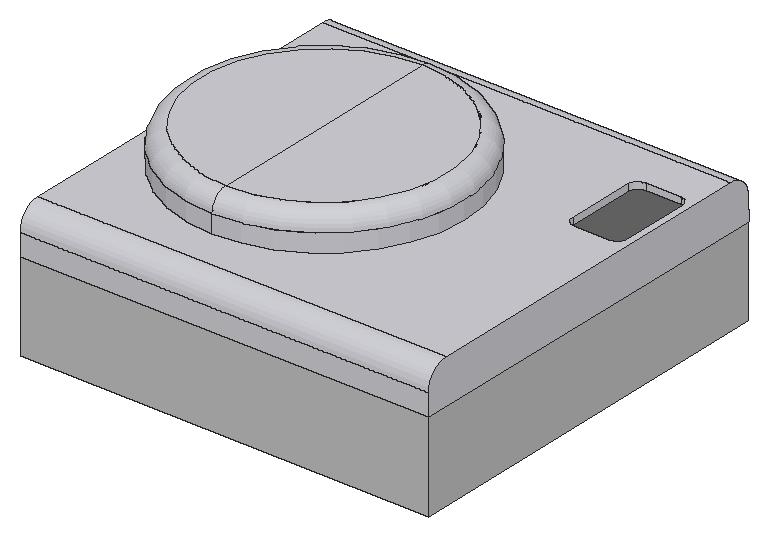
Revit family "Domotics-DomesticRanges-GEWISS-CHORUS_CLIMATE-THERMOSTAT_2M", category Apparecchi elettrici, host Superficie, Revit 2016
Family settings
  Host = Superficie
  Mantenere orientamento annotazione = Sì
  Tipo di parte = Normale
  Quota connettore circolare = Usa diametro
  Taglio con vuoti quando caricato = Sì
  Condiviso = Sì
  Punto di calcolo locali = Sì
Parameters (values of type "GW14705 - Thermostat, 2M 230V-50/60hz titanium")
  Version file RFA = "19.0"
  URL = "https://www.gewiss.com/ww/en"
  Tipo_ = Chorus Termostato_GENERICO : GW14705 Termostato 2M 230Vac 50/60Hz titanio
  Temperature adjustment = "From +5°C to +35°C"
  Technical sheet = "https://www.gewiss.com/ww/en/search?q=GW14705"
  Supply voltage = "230 V ac - 50/60 Hz"
  Simbolo [instance] = yes
  SEO = "Thermostat"
  Realized by GEWISS S.p.A. = ""
  Default Elevation = 1219.2 mm
  Produttore = "GEWISS S.p.A."
  Output contacts = "1NO / NC 8A(AC1) 250V ac"
  Offset_termostato [instance] = 0 mm
  Offset_bidimensionale [instance] = 2 mm
  No. Chorus modules: = "2"
  No. Chorus modules = "2"
  Modello = "GW14705"
  Immagine tipo = GW14705.jpg
  IFC.TypeObject = ""
  IFC.ExportType = ""
  IFC.ExportAs = ""
  IDT = "42d69dd9-f973-4988-8959-220bdb3ffa1b"
  IDF = "322caec2-5007-42a7-b20b-6fba1830d32a"
  Electrocod = "1434"
  EAN code = "8011564268692"
  Distanza_x = 0 mm
  Distanza_effettiva_x = 1500 mm - Distanza_x  # 1500 mm
  Descrizione = "THERMOSTAT, 2M 230VAC-50/60Hz TITANIUM"
  Description. = "Thermostat"
  Colour = "Titanium"
  Catalogue Range = "CHORUS - DOMESTIC RANGE"
  Catalogue = "DOMOTICS"
  COBie.Tagnumber = ""
  COBie.CreatedOn = ""
  COBie.CreatebBy = ""
  COBie.ComponentRegisterItemID = ""
  COBie.Component.TagNumber = ""
  COBie.Component.Space = ""
  COBie.Component.SerialNumber = ""
  COBie.Component.InstallationDate = ""
  COBie.Component.Description = ""
  COBie.Component.BarCode = ""
Types (3, lengths in mm): name | Tipo_ | Technical sheet | Modello | Immagine tipo | IDT | EAN code | Descrizione | Colour
  GW10705 - Thermostat 2M 230V-50/60hz white | Chorus Termostato_GENERICO : GW10705 Termostato 2M 230Vac 50/60Hz bianco | "https://www.gewiss.com/ww/en/search?q=GW10705" | "GW10705" | GW10705.jpg | "0aac5f26-db97-4873-96d4-3389867ef3e6" | "8011564263116" | "THERMOSTAT 2M 230VAC-50/60Hz WHITE" | "White"
  GW12705 - Thermostat 2M 230V-50/60hz black | Chorus Termostato_GENERICO : GW12705 Termostato 2M 230Vac 50/60Hz nero | "https://www.gewiss.com/ww/en/search?q=GW12705" | "GW12705" | GW12705.jpg | "8bb54ab8-c170-4676-8b63-6a895716623c" | "8011564267466" | "THERMOSTAT 2M 230VAC-50/60Hz BLACK" | "Black"
  GW14705 - Thermostat, 2M 230V-50/60hz titanium | Chorus Termostato_GENERICO : GW14705 Termostato 2M 230Vac 50/60Hz titanio | "https://www.gewiss.com/ww/en/search?q=GW14705" | "GW14705" | GW14705.jpg | "42d69dd9-f973-4988-8959-220bdb3ffa1b" | "8011564268692" | "THERMOSTAT, 2M 230VAC-50/60Hz TITANIUM" | "Titanium"
Reference planes
  plane 1 "Centro (Fronte/Retro)": y = 0
  plane 2: z = 0
  plane 3 "Centro (Sinistra/Destra)": x = 0
  plane 4: x = 0
  plane 5: z = 22
  plane 6: z = 15
  plane 7: z = 20
  plane 8: x = -27
  plane 9: x = 27
  plane 10: x = -1500
  plane 11: z = 0
  plane 12: y = 22.5
  plane 13: y = -22.5
Lines and regions (mm)
  Masking region 1
    outline origin (0, 0, 0) x (1, 0, 0) y (0, 0, 1)
      loop
        line (-27, 20) -> (-27, 15) -> (27, 15) -> (27, 20) -> (-27, 20)
Dimensions and locks
  "Offset_bidimensionale": plane 5 to plane 7
  "Distanza_effettiva_x": plane 10 to plane 4
  plane 10 to plane 4 = 1500 mm
  "Offset_termostato": plane 11 to plane 2
  aligned and locked: plane 2 to host face
  aligned and locked: level to host face
  aligned and locked: plane 4 to nested 2
  aligned and locked: import instance to plane 5
  aligned and locked: plane 6 to Masking region 1 sketch curve
  aligned and locked: Masking region 1 sketch curve to plane 9
  aligned and locked: Masking region 1 sketch curve to plane 7
  aligned and locked: plane 8 to Masking region 1 sketch curve
Automatic sketch dimensions
  host sketch curve to host sketch curve = 2438.4 mm  (x2)
Nested families
  nested 1: "Chorus Termostato_GENERICO" at (0, 0, 0), type <- "Tipo_", type "GW14705 Termostato 2M 230Vac 50/60Hz titanio", detail levels medium+fine
    with Altezza da Terra 750 mm
  nested 2: "SIMBOLO CRONOTERMOSTATO" at (0, 40.758, 0), SIMBOLO <- "Simbolo", type "TERMOSTATO"
    with SIMBOLO yes, Distanza dal muro 1 mm, BORDO ACCESO yes
Definition of nested family "Chorus Termostato_GENERICO"
  Parameters (values of type "GW14705 Termostato 2M 230Vac 50/60Hz titanio")
    Finitura Pulsante = none
    Finitura Chorus Termostato = none
    Altezza da Terra [instance] = 750 mm
  Types (3): name
    GW10705 Termostato 2M 230Vac 50/60Hz bianco
    GW12705 Termostato 2M 230Vac 50/60Hz nero
    GW14705 Termostato 2M 230Vac 50/60Hz titanio
  Reference planes
    plane 1 "Centro (Fronte/Retro)": y = 0
    plane 2: z = 10
    plane 3 "Centro (Sinistra/Destra)": x = 0
    plane 4 "Asse termostato": x = -6.882
    plane 5: x = -23
    plane 6: x = 23
    plane 7: y = 15.265
    plane 8: y = 5.265
    plane 9: x = 16.097
    plane 10: x = 22.253
    plane 11 "1": z = 15
    plane 12: z = 19
    plane 13: y = 22.5
    plane 14: y = -22.5
    plane 15: z = 0
    plane 16: x = -23
    plane 17: x = 23
  Forms (mm)
    Extrusion 1, solid, material <- "Finitura Chorus Termostato"
      sketch origin (0, -772.5, 5) x (0, 0, -1) y (0, 1, 0)
        loop
          line (-7.5, 750) -> (-5, 750) -> (-5, 795) -> (-7.524, 795)
          arc (-7.524, 795) -> (-9.275, 794.275) -> (-10, 792.524) r 2.476
          line (-10, 792.524) -> (-10, 752.5)
          arc (-10, 752.5) -> (-9.268, 750.732) -> (-7.5, 750) r 2.5
      from -23 to 23
    Revolve 2, solid, material <- "Finitura Chorus Termostato", detail levels medium+fine
      sketch origin (-6.882, -772.35, 4.958) x (0, 1, 0) y (0, 0, 1)
        loop
          line (772.5, 14.02) -> (758.667, 14.02)
          arc (758.667, 14.02) -> (757.276, 13.443) -> (756.7, 12.052) r 1.967
          line (756.7, 12.052) -> (756.7, 10.02) -> (772.5, 10.02) -> (772.5, 14.02)
        axis (772.5, 10.02) -> (772.5, 14.02)
      angle from 0 to 360
    Extrusion 3, void
      sketch origin (0, -772.5, 15.625) x (1, 0, 0) y (0, 1, 0)
        loop
          arc (17.195, 787.765) -> (16.418, 787.443) -> (16.097, 786.667) r 1.098
          line (16.097, 786.667) -> (16.097, 778.862)
          arc (16.097, 778.862) -> (16.418, 778.086) -> (17.195, 777.765) r 1.098
          line (17.195, 777.765) -> (21.155, 777.765)
          arc (21.155, 777.765) -> (21.932, 778.086) -> (22.253, 778.862) r 1.098
          line (22.253, 778.862) -> (22.253, 786.667)
          arc (22.253, 786.667) -> (21.932, 787.443) -> (21.155, 787.765) r 1.098
          line (21.155, 787.765) -> (17.195, 787.765)
      from 0 to -2.5
    Extrusion 4, solid, material <- "Finitura Pulsante"
      sketch origin (-0.156, -772.5, 15.625) x (1, 0, 0) y (0, 1, 0)
        loop
          arc (17.351, 787.765) -> (16.575, 787.443) -> (16.253, 786.667) r 1.098
          line (16.253, 786.667) -> (16.253, 778.862)
          arc (16.253, 778.862) -> (16.575, 778.086) -> (17.351, 777.765) r 1.098
          line (17.351, 777.765) -> (21.155, 777.765)
          arc (21.155, 777.765) -> (21.932, 778.086) -> (22.253, 778.862) r 1.098
          line (22.253, 778.862) -> (22.253, 786.667)
          arc (22.253, 786.667) -> (21.932, 787.443) -> (21.155, 787.765) r 1.098
          line (21.155, 787.765) -> (17.351, 787.765)
      from -2.5 to -1.313
    Extrusion 5, solid
      sketch origin (0, 0, 0) x (1, 0, 0) y (0, 0, 1)
        loop
          line (-23, 10) -> (-23, 0) -> (23, 0) -> (23, 10) -> (-23, 10)
      from -22.5 to 22.5
  Cuts and joins
    Extrusion 3 cuts Extrusion 1
  Dimensions and locks
    locked: plane 3 "Centro (Sinistra/Destra)" to plane 4 "Asse termostato" at 6.882
    locked: plane 9 to plane 10 at 6
    locked: plane 7 to plane 8 at 10
    plane 12 to plane 11 "1" = 4 mm
    locked: plane 11 "1" to plane 2 at 5  (x2)
    locked: plane 12 to plane 11 "1" at 4
    locked: plane 2 to plane 15 at 10
    aligned and locked: plane 5 to Extrusion 1
    aligned and locked: Extrusion 1 to plane 6
    aligned and locked: plane 7 to cut or joined group of Extrusion 1, Extrusion 3
    aligned and locked: Extrusion 3 to plane 8
    aligned and locked: Extrusion 4 to cut or joined group of Extrusion 1, Extrusion 3  (x2)
    aligned and locked: plane 10 to cut or joined group of Extrusion 1, Extrusion 3
    aligned and locked: Extrusion 3 to plane 9
    aligned and locked: plane 11 "1" to cut or joined group of Extrusion 1, Extrusion 3
    aligned and locked: cut or joined group of Extrusion 1, Extrusion 3 to plane 14
    aligned and locked: plane 13 to cut or joined group of Extrusion 1, Extrusion 3
    aligned and locked: Extrusion 1 to plane 2
    aligned and locked: plane 11 "1" to Extrusion 1
    aligned and locked: Revolve 2 sketch curve to plane 11 "1"
    aligned and locked: plane 12 to Revolve 2 sketch curve
    aligned and locked: plane 16 to cut or joined group of Extrusion 1, Extrusion 3  (x2)
    aligned and locked: plane 17 to cut or joined group of Extrusion 1, Extrusion 3
    aligned and locked: cut or joined group of Extrusion 1, Extrusion 3 to plane 17
    aligned and locked: cut or joined group of Extrusion 1, Extrusion 3 to plane 16
    aligned and locked: Extrusion 5 sketch curve to plane 17
    aligned and locked: Extrusion 5 sketch curve to plane 2
    aligned and locked: plane 15 to Extrusion 5 sketch curve
    aligned and locked: plane 16 to Extrusion 5 sketch curve
    aligned and locked: Extrusion 5 to cut or joined group of Extrusion 1, Extrusion 3  (x2)
Definition of nested family "SIMBOLO CRONOTERMOSTATO"
  Parameters (values of type "CRONOTERMOSTATO")
    Simbolo = SIMBOLO CRONOTERMOSTATO_BASE : CRONOTERMOSTATO
    SIMBOLO [instance] = yes
    Distanza dal muro [instance] = 4.208 mm
    BORDO ACCESO [instance] = yes
  Types (2, lengths in mm): name | Simbolo
    CRONOTERMOSTATO | SIMBOLO CRONOTERMOSTATO_BASE : CRONOTERMOSTATO
    TERMOSTATO | SIMBOLO CRONOTERMOSTATO_BASE : TERMOSTATO
  Reference planes
    plane 1: y = 0
    plane 2: x = 0
  Dimensions and locks
    "Distanza dal muro": plane 1 to nested 1
    aligned and locked: plane 2 to nested 1
  Nested families
    nested 1: "SIMBOLO CRONOTERMOSTATO_BASE" at (0, 4.208, 0), BORDO ACCESO <- "BORDO ACCESO", type <- "Simbolo", visible <- "SIMBOLO", type "CRONOTERMOSTATO"
      with BORDO ACCESO yes
  Definition of nested family "SIMBOLO CRONOTERMOSTATO_BASE"
    Parameters (values of type "CRONOTERMOSTATO")
      TERMOSTATO = no
      GRADI = "°C"
      Distanza dal muro = 4.208 mm
      CRONOTERMOSTATO = yes
      BORDO ACCESO [instance] = yes
    Types (2, lengths in mm): name | TERMOSTATO | CRONOTERMOSTATO
      CRONOTERMOSTATO | no | yes
      TERMOSTATO | yes | no
    Reference planes
      plane 1: y = 0
      plane 2: x = 0
    Lines and regions (mm)
      detail lines
        curve 1: line (-0.857, 2.035, 0) -> (0.857, 2.035, 0)
        curve 2: line (0.857, 2.035, 0) -> (0.857, 0.664, 0)
        curve 3: line (0.857, 0.664, 0) -> (-0.857, 0.664, 0)
        curve 4: line (-0.857, 0.664, 0) -> (-0.857, 2.035, 0)
      detail lines, visible <- "CRONOTERMOSTATO"
        curve 5: circle (-0.36, 1.349, 0) r 0.279 normal (0, 0, 1)
        curve 6: line (-0.36, 1.572, 0) -> (-0.36, 1.349, 0)
        curve 7: line (-0.528, 1.349, 0) -> (-0.36, 1.349, 0)
    Text (mm)
      label "°C" at (0.401, 1.328, 0), shows "GRADI", visible <- "CRONOTERMOSTATO"
      label "°C" at (-0.074, 1.328, 0), shows "GRADI", visible <- "TERMOSTATO"
